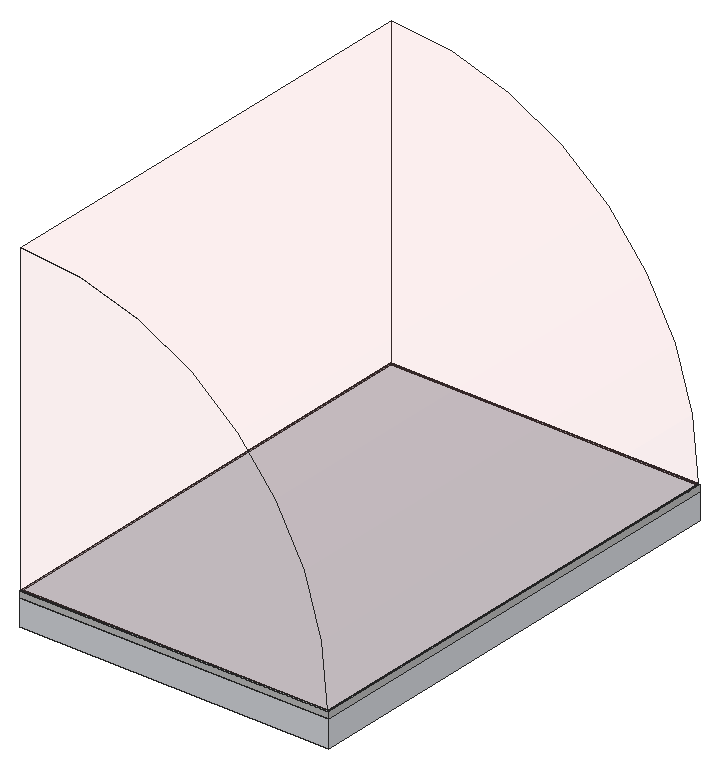
Revit family "Door_Access_Drywall-Recess_Acudor_DW-5015", category Generic Models, host Face, Revit 2026
Family settings
  Host = Face
  Can host rebar = No
  Round Connector Dimension = Use Diameter
  Part Type = Normal
  Cut with Voids When Loaded = No
  Maintain Annotation Orientation = No
  Shared = No
  Room Calculation Point = No
Parameters (values of type "24 x 36 Nom")
  negdrythick [instance] = -(Drywall Thickness)  # -0' - 0 1/2"
  Warranty Duration (Years) = 0
  Unit Width = 2' - 0"
  Unit Weight = 30
  Unit Height = 3' - 0"
  Unit Depth = 0' - 2 9/16"
  URL = "http://www.acudor.com/"
  Test Data = ""
  Swing Clearance Visible [instance] = yes
  Standards Conformance = "as Specified"
  Specification = ""
  SpecWizard = ""
  Send Message = ""
  Sales Information = "http://www.acudor.com/contactus"
  Revision = "R1_2017-03"
  Product Properties = ""
  Product Data = "http://www.arcat.com/arcatcos/cos30/arc30126.html"
  Overall Width = 2' - 2 1/2"
  Overall Height = 3' - 2 1/2"
  Opening Width = Unit Width + 0' 0 3/8"  # 2' - 0 3/8"
  Opening Height = Unit Height + 0' 0 3/8"  # 3' - 0 3/8"
  Opening Depth [instance] = 1' - 0"
  Mounting Height [instance] = 2' - 0"
  Model = "DW-5015"
  Manufacturer Website = "http://www.acudor.com/"
  Manufacturer Phone - Toll Free = "800-722-0501"
  Manufacturer Phone = "973-575-5120"
  Manufacturer Fax = "973-575-5160"
  Manufacturer Address = "80 Little Falls Rd.  Fairfield, NJ 07004"
  Manufacturer = "Acudor Products Inc"
  Maintenance Schedule (Months) = 0
  Keynote = ""
  Installation-Fabrication = ""
  Installation Phase = ""
  Green Building-LEED = "http://www.arcat.com/green/clients/leed_data_30126.html"
  Fixture Finish [instance] = Metal - Acudor - Steel
  Fire Performance = "as Specified"
  Expected Lifespan (Years) = 0
  Drywall Thickness [instance] = 0' - 0 1/2"
  Drywall Finish [instance] = none
  Drawn By = "Sumex Design, Inc. / Robert S. Weygant, CSI, CDT, SCIP"
  Door Width = Unit Width - 0' 0 1/8"  # 1' - 11 7/8"
  Door Height = Unit Height - 0' 0 1/8"  # 2' - 11 7/8"
  Description = "Acudor Recessed Drywall Panel Access Door for Wall or Ceiling - DW-5015 as Specified"
  Default Elevation = 0' - 0"  # constant formula
  Copyright = "©Arcat Inc."
  Construction Details = ""
  Clearance Material [instance] = ARCAT Clearance
  Clear Opening Width = 1' - 11.87"
  Clear Opening Height = 2' - 11.87"
  Available Options [instance] = "as Specified"
  Assembly Code = ""
Types (4): name | Unit Width | Unit Weight | Unit Height | Overall Width | Overall Height | Opening Width | Opening Height | Door Width | Door Height | Clear Opening Width | Clear Opening Height
  24 x 36 Nom | 2' - 0" | 30 | 3' - 0" | 2' - 2 1/2" | 3' - 2 1/2" | 2' - 0 3/8" | 3' - 0 3/8" | 1' - 11 7/8" | 2' - 11 7/8" | 1' - 11.87" | 2' - 11.87"
  24 x 24 Nom | 2' - 0" | 23 | 2' - 0" | 2' - 2 1/2" | 2' - 2 1/2" | 2' - 0 3/8" | 2' - 0 3/8" | 1' - 11 7/8" | 1' - 11 7/8" | 1' - 11.87" | 1' - 11.87"
  18 x 18 Nom | 1' - 6" | 15 | 1' - 6" | 1' - 8 1/2" | 1' - 8 1/2" | 1' - 6 3/8" | 1' - 6 3/8" | 1' - 5 7/8" | 1' - 5 7/8" | 1' - 5.87" | 1' - 5.87"
  12 x 12 Nom | 1' - 0" | 8.5 | 1' - 0" | 1' - 2 1/2" | 1' - 2 1/2" | 1' - 0 3/8" | 1' - 0 3/8" | 0' - 11 7/8" | 0' - 11 7/8" | 0' - 11.87" | 0' - 11.87"
Reference planes (in)
  plane 1 "Center (Front/Back)": y = -18
  plane 2: z = 0
  plane 3 "Center (Left/Right)": x = 0
  plane 4: y = 0
  plane 5: y = -36
  plane 6: x = -12
  plane 7: x = 12
  plane 8: z = 0
  plane 9: y = 1.25
  plane 10: y = -37.25
  plane 11: x = -13.25
  plane 12: x = 13.25
  plane 13: z = -2.5625
  plane 14: x = -12.1875
  plane 15: x = 12.1875
  plane 16: y = 0.1875
  plane 17: y = -36.1875
  plane 18: z = -12
  plane 19 "FF": y = -60
Forms (in)
  Extrusion 1, void
    sketch origin (0, 0, 0) x (1, 0, 0) y (0, 1, 0)
      loop
        line (-12.1875, 0.1875) -> (-12.1875, -36.1875) -> (12.1875, -36.1875) -> (12.1875, 0.1875) -> (-12.1875, 0.1875)
    from -12 to -0.125
  Extrusion 2, solid, material "Metal - Acudor - Steel" <- "Fixture Finish"
    sketch origin (0, 0, 0) x (1, 0, 0) y (0, 1, 0)
      loop
        line (-12, 0) -> (-12, -36) -> (12, -36) -> (12, 0) -> (-12, 0)
      loop
        line (-11.9375, -35.9375) -> (11.9375, -35.9375) -> (11.9375, -0.0625) -> (-11.9375, -0.0625) -> (-11.9375, -35.9375)
    from 0 to -0.5 <- "negdrythick"
  Extrusion 3, solid
    sketch origin (0, 0, 0) x (1, 0, 0) y (0, 1, 0)
      loop
        line (-12, 0) -> (-12, -36) -> (12, -36) -> (12, 0) -> (-12, 0)
    from -0.5 <- "negdrythick" to -2.5625
  Extrusion 4, solid, material <- "Drywall Finish"
    sketch origin (0, 0, 0) x (1, 0, 0) y (0, 1, 0)
      loop
        line (-11.9375, -0.0625) -> (-11.9375, -35.9375) -> (11.9375, -35.9375) -> (11.9375, -0.0625) -> (-11.9375, -0.0625)
    from -0.03125 to -0.5 <- "negdrythick"
  Extrusion 5, void
    sketch origin (0, 0, 0) x (1, 0, 0) y (0, 1, 0)
      loop
        line (-12, 0) -> (-12, -36) -> (12, -36) -> (12, 0) -> (-12, 0)
    from 0 to -0.125
  Extrusion 6, solid, material "ARCAT Clearance" <- "Clearance Material", visible <- "Swing Clearance Visible"
    sketch origin (0, -18, 0) x (1, 0, 0) y (0, 0, 1)
      loop
        arc (11.9375, 0) -> (4.94467, 16.88217) -> (-11.9375, 23.875) r 23.875
        line (-11.9375, 23.875) -> (-11.9375, 0) -> (11.9375, 0)
    from -18 to 18
Lines and regions (in)
  model lines, style "GenericModelHiddenLines"
    curve 1: line (12, 0, -0.03125) -> (-12, -18, -0.03125)
    curve 2: line (-12, -18, -0.03125) -> (12, -36, -0.03125)
Dimensions and locks (in)
  locked: plane 8 to level
  equal spacing: plane 4, plane 1 "Center (Front/Back)", plane 5
  "Unit Height": plane 4 to plane 5
  equal spacing: plane 6, plane 3 "Center (Left/Right)", plane 7
  "Unit Width": plane 6 to plane 7
  equal spacing: plane 11, plane 3 "Center (Left/Right)", plane 12
  equal spacing: plane 9, plane 1 "Center (Front/Back)", plane 10
  "Overall Width": plane 11 to plane 12
  "Overall Height": plane 9 to plane 10
  "Unit Depth": plane 8 to plane 13
  equal spacing: plane 16, plane 1 "Center (Front/Back)", plane 17
  equal spacing: plane 14, plane 3 "Center (Left/Right)", plane 15
  "Opening Width": plane 14 to plane 15
  "Opening Height": plane 16 to plane 17
  "Opening Depth": level to plane 18
  locked: plane 6 to Extrusion 2 sketch curve at 0.0625
  locked: plane 4 to Extrusion 2 sketch curve at 0.0625
  locked: Extrusion 2 sketch curve to plane 7 at 0.0625
  locked: Extrusion 2 sketch curve to plane 5 at 0.0625
  locked: plane 6 to Extrusion 4 sketch curve at 0.0625
  locked: Extrusion 4 sketch curve to plane 7 at 0.0625
  locked: plane 4 to Extrusion 4 sketch curve at 0.0625
  locked: Extrusion 4 sketch curve to plane 5 at 0.0625
  "Mounting Height": plane 5 to plane 19 "FF"
  locked: Extrusion 6 sketch curve to plane 6 at 0.0625
  "Door Width": radius of Extrusion 6 sketch curve
  aligned and locked: host face to plane 2
  aligned and locked: host face to level
  aligned and locked: Extrusion 1 sketch curve to plane 16
  aligned and locked: Extrusion 1 sketch curve to plane 14
  aligned and locked: plane 17 to Extrusion 1 sketch curve
  aligned and locked: Extrusion 1 sketch curve to plane 15
  aligned and locked: Extrusion 1 to plane 18
  aligned and locked: Extrusion 2 sketch curve to plane 4
  aligned and locked: Extrusion 2 sketch curve to plane 6
  aligned and locked: plane 5 to Extrusion 2 sketch curve
  aligned and locked: Extrusion 2 sketch curve to plane 7
  aligned and locked: Extrusion 5 sketch curve to Extrusion 2  (x4)
  aligned and locked: plane 1 "Center (Front/Back)" to curve 2
  aligned and locked: plane 6 to curve 2
  aligned and locked: Extrusion 6 to plane 5
  aligned and locked: plane 4 to Extrusion 6
  aligned and locked: Extrusion 3 sketch curve to Extrusion 2  (x3)
  aligned and locked: Extrusion 3 sketch curve to plane 6
Automatic sketch dimensions
  host sketch curve to host sketch curve = 12' - 11.75605"
  host sketch curve to host sketch curve = 12' - 7.74281"
  Extrusion 4 to curve 2 = 0' - 0 1/16"  (x2)
  Extrusion 4 to curve 1 = 0' - 0 1/16"  (x2)
  Extrusion 6 sketch curve to level = 0' - 0"
  Extrusion 6 sketch curve to Extrusion 6 sketch curve = 0' - 0"
